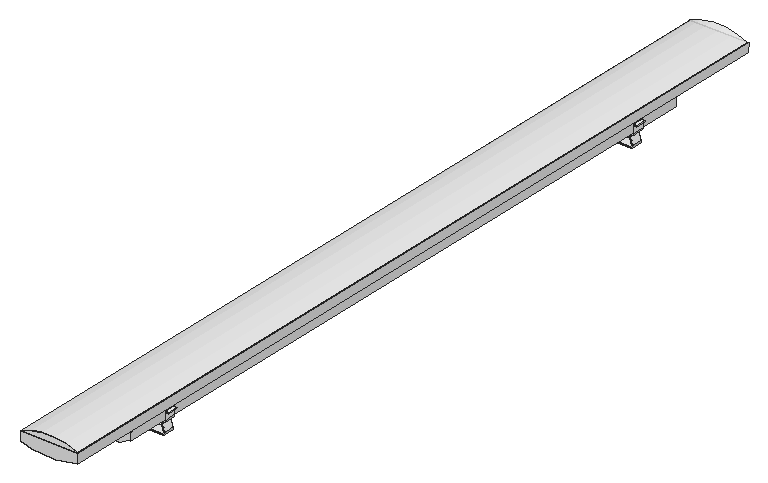
Revit family "Lighting-Industriale-GEWISS-SMART[3]PLUS-PLAFONIERA-LED_OPALE_1600mm", category Apparecchi per illuminazione, host Superficie, Revit 2019
Family settings
  Host = Superficie
  Quota connettore circolare = Usa diametro
  Tipo di parte = Normale
  Numero OmniClass = 23.80.70.11
  Titolo OmniClass = Luminaries for Internal Lighting
  Taglio con vuoti quando caricato = No
  Sorgente d'illuminazione = Sì
  Condiviso = No
  Punto di calcolo locali = No
Parameters (values of type "GWS3323AP957 - SMART3 PLUS 1600 T.W.DALI HE OPAL 9 57")
  Wattage = 27 W
  Versione file RFA = "20.0"
  Variazione temperatura colore lampada con luminosità attenuata = (empty or 0)
  URL = "https://www.gewiss.com/it/it"
  Tipologia sorgente luminosa = "LED - Non sostituibile"
  Tipologia = "DALI"
  Tipo alimentatore = ""
  Tensione = "220-240 V "
  Temperatura di utilizzo = "-25 +50 °C"
  Temperatura di funzionamento = "-25 +50 °C"
  Temperatura di colore: = "5700 K (CRI > 90)"
  Temperatura di colore = "5700 K (CRI > 90)"
  built-in parameter 1150107 = 5700 (stored number, unit not read)
  Struttura = GEWISS - SMART 3 - GRIGIO
  Stampa 1_200 = no
  Stampa 1_100 = not(Stampa 1_200)  # yes
  Spostamento_Y_etichetta [instance] = 0 mm
  Spostamento_Y_effettivo_etichetta [instance] = 1500 mm - Spostamento_Y_etichetta  # 1500 mm
  Spostamento_X_etichetta [instance] = 0 mm
  Spostamento_X_effettivo_etichetta [instance] = 1500 mm - Spostamento_X_etichetta  # 1500 mm
  Schermo. = Gewiss - Led Acceso
  Schermo = "Opale"
  Scheda Tecnica = "https://www.gewiss.com/it/it/search?q=GWS3323AP957"
  SEO = "Plafoniera"
  Resistenza agli urti = "IK08"
  Default Elevation = 1219.2 mm
  Produttore = "GEWISS S.p.A."
  Potenza di sistema = "50 W"
  Peso (kg): = ""
  built-in parameter 1150110 = 1 (stored number, unit not read)
  built-in parameter 1150109 = 1 (stored number, unit not read)
  built-in parameter 1114218 = 1 (stored number, unit not read)
  built-in parameter 1150112 = 1 (stored number, unit not read)
  NÂ° LED (#) = ""
  Modello = "GWS3323AP957"
  built-in parameter 1150137 = (empty or 0)
  built-in parameter 1150132 = (empty or 0)
  Lunghezza Lampada = 1600 mm  # constant formula
  Lunghezza = "1600 mm"
  Lumen output (lm) = "5200"
  Lampada: = "LED"
  Lampada = "LED"
  LED LifeTime (L80B20) = ""
  LED Life time (L90B50) = ""
  LED Life time (L80B50) = ""
  LED Life time (L70) = ""
  built-in parameter 1150105 = 1406.7 (stored number, unit not read)
  built-in parameter 1150102 = (empty or 0)
  Type Image = GWS3158P.jpg
  built-in parameter 1150106 = 14.067 (stored number, unit not read)
  IFC.TypeObject = ""
  IFC.ExportType = ""
  IFC.ExportAs = ""
  IDT = "f3b315df-984e-4987-af5e-9bbae24bcc71"
  IDF = "a75c95b2-83a7-499f-92d1-3300d74a06eb"
  Grado di protezione = "IP66/IP69"
  Glow Wire Test = "850°C"
  Garanzia = "5 anni"
  Ganci = GEWISS  - ALLUMINIO
  Flusso nominale (lm) = ""
  Lumens = 4010.63 lm
  Color Filter = 16777215
  File diagramma fotometrico = "GWS3323AP957.IES"
  built-in parameter 1114217 = 1 (stored number, unit not read)
  built-in parameter 1150139 = (empty or 0)
  Failure rate apparecchio (50.000h, Tq=25Â° C) = ""
  Failure rate apparecchio (35.000h, Tq=35Â° C) = ""
  Emetti da lunghezza linea = 700 mm
  built-in parameter 1150104 = 13.8 (stored number, unit not read)
  built-in parameter 1150115 = 1 (stored number, unit not read)
  built-in parameter 1150114 = 1 (stored number, unit not read)
  built-in parameter 1150113 = 1 (stored number, unit not read)
  Descrizione = "SMART3 PLUS 1600 T.W.DALI HE OPAL 9 57"
  Creato da GEWISS S.p.A. = ""
  Commenti sul wattaggio = "55W"
  built-in parameter 1150134 = (empty or 0)
  built-in parameter 1150138 = (empty or 0)
  Codice Electrocod = "2434"
  Codice EAN = ""
  Classe isolamento = "II"
  Classe di efficienza LED integrati = "A ÷ A++"
  Catalogo Serie = "SMART[3] PLUS"
  Catalogo = "LIGHTING"
  Carico apparente = 55 VA
  COBie.Tagnumber = ""
  COBie.CreatedOn = ""
  COBie.CreatebBy = ""
  COBie.ComponentRegisterItemID = ""
  COBie.Component.TagNumber = ""
  COBie.Component.Space = ""
  COBie.Component.SerialNumber = ""
  COBie.Component.InstallationDate = ""
  COBie.Component.Description = ""
  COBie.Component.BarCode = ""
  Applicazione = "Interno"
  Apparecchio a ridotta temperatura superficiale = ""
  Tilt Angle = -90.00°
  built-in parameter 1150133 = 10 (stored number, unit not read)
Types (25, lengths in mm): name | Tipologia | Temperatura di colore: | Temperatura di colore | Scheda Tecnica | Potenza di sistema | Modello | Lumen output (lm) | IDT | File diagramma fotometrico | Emetti da lunghezza linea | Descrizione | Commenti sul wattaggio | Carico apparente
  (no name) | "DALI" | "5700 K (CRI > 90)" | "5700 K (CRI > 90)" | "https://www.gewiss.com/it/it/search?q=GWS3323AP957" | "50 W" | "GWS3323AP957" | "5200" | "f3b315df-984e-4987-af5e-9bbae24bcc71" | "GWS3323AP957.IES" | 700 | "SMART3 PLUS 1600 T.W.DALI HE OPAL 9 57" | "55W" | 55 VA
  GWS3320AP830 - SMART3 PLUS 1600 ON/OFF HE OPAL 8 30 | "" | "3000 K (CRI > 80)" | "3000 K (CRI > 80)" | "https://www.gewiss.com/it/it/search?q=GWS3320AP830" | "46 W" | "GWS3320AP830" | "6300" | "515fde6e-ce71-4c7a-91f6-c5be3f9ca9d5" | "GWS3320AP830.IES" | 1200 | "SMART3 PLUS 1600 ON/OFF HE OPAL 8 30" | "26W" | 26 VA
  GWS3320AP840 - SMART3 PLUS 1600 ON/OFF HE OPAL 8 40 | "" | "4000 K (CRI > 80)" | "4000 K (CRI > 80)" | "https://www.gewiss.com/it/it/search?q=GWS3320AP840" | "46 W" | "GWS3320AP840" | "6600" | "797e91c8-3a4b-4c06-b222-0b282fb851e9" | "GWS3320AP840.IES" | 1200 | "SMART3 PLUS 1600 ON/OFF HE OPAL 8 40" | "26W" | 26 VA
  GWS3320AP857 - SMART3 PLUS 1600 ON/OFF HE OPAL 8 57 | "" | "5700 K (CRI > 80)" | "5700 K (CRI > 80)" | "https://www.gewiss.com/it/it/search?q=GWS3320AP857" | "46 W" | "GWS3320AP857" | "6600" | "0a0ffe2c-1254-4136-9b95-b2acb0a2e411" | "GWS3320AP857.IES" | 1200 | "SMART3 PLUS 1600 ON/OFF HE OPAL 8 57" | "26W" | 26 VA
  GWS3322AP830 - SMART3 PLUS 1600 T.W.ON/OFF HE OPAL 8 30 | "" | "3000 K (CRI > 80)" | "3000 K (CRI > 80)" | "https://www.gewiss.com/it/it/search?q=GWS3322AP830" | "46 W" | "GWS3322AP830" | "6300" | "92aadfc1-b61c-49fc-a0ea-d4cdaabb7691" | "GWS3322AP830.IES" | 1200 | "SMART3 PLUS 1600 T.W.ON/OFF HE OPAL 8 30" | "53W" | 53 VA
  GWS3322AP840 - SMART3 PLUS 1600 T.W.ON/OFF HE OPAL 8 40 | "" | "4000 K (CRI > 80)" | "4000 K (CRI > 80)" | "https://www.gewiss.com/it/it/search?q=GWS3322AP840" | "46 W" | "GWS3322AP840" | "6600" | "7aacec16-f4ae-4223-b666-c52a3b0e40df" | "GWS3322AP840.IES" | 700 | "SMART3 PLUS 1600 T.W.ON/OFF HE OPAL 8 40" | "53W" | 53 VA
  GWS3322AP857 - SMART3 PLUS 1600 T.W.ON/OFF HE OPAL 8 57 | "" | "5700 K (CRI > 80)" | "5700 K (CRI > 80)" | "https://www.gewiss.com/it/it/search?q=GWS3322AP857" | "46 W" | "GWS3322AP857" | "6600" | "9843d6fd-373c-45e5-b8ac-f8d282aa33ab" | "GWS3322AP857.IES" | 700 | "SMART3 PLUS 1600 T.W.ON/OFF HE OPAL 8 57" | "53W" | 53 VA
  GWS3320AP930 - SMART3 PLUS 1600 ON/OFF HE OPAL 9 30 | "" | "3000 K (CRI > 90)" | "3000 K (CRI > 90)" | "https://www.gewiss.com/it/it/search?q=GWS3320AP930" | "46 W" | "GWS3320AP930" | "4900" | "a13f2a2f-86fe-4556-8509-1ebfeb2cb915" | "GWS3320AP930.IES" | 1200 | "SMART3 PLUS 1600 ON/OFF HE OPAL 9 30" | "27W" | 27 VA
  GWS3320AP940 - SMART3 PLUS 1600 ON/OFF HE OPAL 9 40 | "" | "4000 K (CRI > 90)" | "4000 K (CRI > 90)" | "https://www.gewiss.com/it/it/search?q=GWS3320AP940" | "46 W" | "GWS3320AP940" | "5200" | "fc3d66e1-5ae5-4f7d-bdd5-cb36aae6c31e" | "GWS3320AP940.IES" | 1200 | "SMART3 PLUS 1600 ON/OFF HE OPAL 9 40" | "27W" | 27 VA
  GWS3320AP957 - SMART3 PLUS 1600 ON/OFF HE OPAL 9 57 | "" | "5700 K (CRI > 90)" | "5700 K (CRI > 90)" | "https://www.gewiss.com/it/it/search?q=GWS3320AP957" | "46 W" | "GWS3320AP957" | "5200" | "e411e7a8-d38e-4265-9c8c-6dda89df10b2" | "GWS3320AP957.IES" | 1200 | "SMART3 PLUS 1600 ON/OFF HE OPAL 9 57" | "27W" | 27 VA
  GWS3322AP930 - SMART3 PLUS 1600 T.W.ON/OFF HE OPAL 9 30 | "" | "3000 K (CRI > 90)" | "3000 K (CRI > 90)" | "https://www.gewiss.com/it/it/search?q=GWS3322AP930" | "46 W" | "GWS3322AP930" | "4900" | "15600029-dedd-4b75-95d2-bc6cfc52e84f" | "GWS3322AP930.IES" | 700 | "SMART3 PLUS 1600 T.W.ON/OFF HE OPAL 9 30" | "55W" | 55 VA
  GWS3322AP940 - SMART3 PLUS 1600 T.W.ON/OFF HE OPAL 9 40 | "" | "4000 K (CRI > 90)" | "4000 K (CRI > 90)" | "https://www.gewiss.com/it/it/search?q=GWS3322AP940" | "46 W" | "GWS3322AP940" | "5200" | "44b2879f-8794-44e4-9c2a-98b4b0b09008" | "GWS3322AP940.IES" | 700 | "SMART3 PLUS 1600 T.W.ON/OFF HE OPAL 9 40" | "55W" | 55 VA
  GWS3322AP957 - SMART3 PLUS 1600 T.W.ON/OFF HE OPAL 9 57 | "" | "5700 K (CRI > 90)" | "5700 K (CRI > 90)" | "https://www.gewiss.com/it/it/search?q=GWS3322AP957" | "46 W" | "GWS3322AP957" | "5200" | "353f52fa-4ab1-4785-ab32-4e23da494718" | "GWS3322AP957.IES" | 700 | "SMART3 PLUS 1600 T.W.ON/OFF HE OPAL 9 57" | "55W" | 55 VA
  GWS3321AP830 - SMART3 PLUS 1600 DALI HE OPAL 8 30 | "DALI" | "3000 K (CRI > 80)" | "3000 K (CRI > 80)" | "https://www.gewiss.com/it/it/search?q=GWS3321AP830" | "50 W" | "GWS3321AP830" | "6300" | "ef6f7481-d774-40a2-a56c-e33a03783f43" | "GWS3321AP830.IES" | 1200 | "SMART3 PLUS 1600 DALI HE OPAL 8 30" | "26W" | 26 VA
  GWS3321AP840 - SMART3 PLUS 1600 DALI HE OPAL 8 40 | "DALI" | "4000 K (CRI > 80)" | "4000 K (CRI > 80)" | "https://www.gewiss.com/it/it/search?q=GWS3321AP840" | "50 W" | "GWS3321AP840" | "6600" | "9f3a0474-7c34-4774-9075-3f2db5512430" | "GWS3321AP840.IES" | 1200 | "SMART3 PLUS 1600 DALI HE OPAL 8 40" | "26W" | 26 VA
  GWS3321AP857 - SMART3 PLUS 1600 DALI HE OPAL 8 57 | "DALI" | "5700 K (CRI > 80)" | "5700 K (CRI > 80)" | "https://www.gewiss.com/it/it/search?q=GWS3321AP857" | "50 W" | "GWS3321AP857" | "6600" | "049705d3-c297-44cc-989b-4f6d2b3fb677" | "GWS3321AP857.IES" | 1200 | "SMART3 PLUS 1600 DALI HE OPAL 8 57" | "26W" | 26 VA
  GWS3321AP930 - SMART3 PLUS 1600 DALI HE OPAL 9 30 | "DALI" | "3000 K (CRI > 90)" | "3000 K (CRI > 90)" | "https://www.gewiss.com/it/it/search?q=GWS3321AP930" | "50 W" | "GWS3321AP930" | "4900" | "b4f69512-f660-4b69-9fcc-3def4f9a0271" | "GWS3321AP930.IES" | 1200 | "SMART3 PLUS 1600 DALI HE OPAL 9 30" | "27W" | 27 VA
  GWS3321AP940 - SMART3 PLUS 1600 DALI HE OPAL 9 40 | "DALI" | "4000 K (CRI > 90)" | "4000 K (CRI > 90)" | "https://www.gewiss.com/it/it/search?q=GWS3321AP940" | "50 W" | "GWS3321AP940" | "5200" | "4d149631-94ff-4b55-a399-3355b63ff907" | "GWS3321AP940.IES" | 1200 | "SMART3 PLUS 1600 DALI HE OPAL 9 40" | "27W" | 27 VA
  GWS3321AP957 - SMART3 PLUS 1600 DALI HE OPAL 9 57 | "DALI" | "5700 K (CRI > 90)" | "5700 K (CRI > 90)" | "https://www.gewiss.com/it/it/search?q=GWS3321AP957" | "50 W" | "GWS3321AP957" | "5200" | "95bc40bc-d7b1-4835-bb40-aca982529566" | "GWS3321AP957.IES" | 700 | "SMART3 PLUS 1600 DALI HE OPAL 9 57" | "27W" | 27 VA
  GWS3323AP830 - SMART3 PLUS 1600 T.W.DALI HE OPAL 8 30 | "DALI" | "3000 K (CRI > 80)" | "3000 K (CRI > 80)" | "https://www.gewiss.com/it/it/search?q=GWS3323AP830" | "50 W" | "GWS3323AP830" | "6300" | "c88e39d8-7d84-4df5-9696-6fd327196441" | "GWS3323AP830.IES" | 700 | "SMART3 PLUS 1600 T.W.DALI HE OPAL 8 30" | "53W" | 53 VA
  GWS3323AP840 - SMART3 PLUS 1600 T.W.DALI HE OPAL 8 40 | "DALI" | "4000 K (CRI > 80)" | "4000 K (CRI > 80)" | "https://www.gewiss.com/it/it/search?q=GWS3323AP840" | "50 W" | "GWS3323AP840" | "6600" | "6d9ebd1f-e085-4998-931b-503e14e2501b" | "GWS3323AP840.IES" | 700 | "SMART3 PLUS 1600 T.W.DALI HE OPAL 8 40" | "53W" | 53 VA
  GWS3323AP857 - SMART3 PLUS 1600 T.W.DALI HE OPAL 8 57 | "DALI" | "5700 K (CRI > 80)" | "5700 K (CRI > 80)" | "https://www.gewiss.com/it/it/search?q=GWS3323AP857" | "50 W" | "GWS3323AP857" | "6600" | "2b5a79a2-e691-42d0-aae8-023fd03ea346" | "GWS3323AP857.IES" | 700 | "SMART3 PLUS 1600 T.W.DALI HE OPAL 8 57" | "53W" | 53 VA
  GWS3323AP930 - SMART3 PLUS 1600 T.W.DALI HE OPAL 9 30 | "DALI" | "3000 K (CRI > 90)" | "3000 K (CRI > 90)" | "https://www.gewiss.com/it/it/search?q=GWS3323AP930" | "50 W" | "GWS3323AP930" | "4900" | "cba77e63-a48a-4cd6-ac5a-4de7abffce10" | "GWS3323AP930.IES" | 700 | "SMART3 PLUS 1600 T.W.DALI HE OPAL 9 30" | "55W" | 55 VA
  GWS3323AP940 - SMART3 PLUS 1600 T.W.DALI HE OPAL 9 40 | "DALI" | "4000 K (CRI > 90)" | "4000 K (CRI > 90)" | "https://www.gewiss.com/it/it/search?q=GWS3323AP940" | "50 W" | "GWS3323AP940" | "5200" | "53ccc7fe-7c5b-4623-a89f-0c189ed12751" | "GWS3323AP940.IES" | 700 | "SMART3 PLUS 1600 T.W.DALI HE OPAL 9 40" | "55W" | 55 VA
  GWS3323AP957 - SMART3 PLUS 1600 T.W.DALI HE OPAL 9 57 | "DALI" | "5700 K (CRI > 90)" | "5700 K (CRI > 90)" | "https://www.gewiss.com/it/it/search?q=GWS3323AP957" | "50 W" | "GWS3323AP957" | "5200" | "f3b315df-984e-4987-af5e-9bbae24bcc71" | "GWS3323AP957.IES" | 700 | "SMART3 PLUS 1600 T.W.DALI HE OPAL 9 57" | "55W" | 55 VA
Values of the unnamed type that differ from the named types
  Variazione temperatura colore lampada con luminosità attenuata = <Nessuno>
Reference planes
  plane 1 "Centro (Fronte/Retro)": y = 0
  plane 2: z = 0
  plane 3 "Centro (Sinistra/Destra)": x = 0
  plane 4: x = -1500
  plane 5: y = -1500
  plane 6: x = 0
  plane 7: y = 0
Forms (mm)
  Extrusion 1, solid, material "GEWISS  - ALLUMINIO" <- "Ganci", detail levels medium+fine
    sketch origin (0, 0, 0) x (1, 0, 0) y (0, 0, 1)
      loop
        arc (31.431, -0.002) -> (34.576, 1.589) -> (35.156, 5.066) r 3.903
        line (35.156, 5.066) -> (29.612, 23.211)
        arc (29.612, 23.211) -> (29.883, 24.381) -> (31.032, 24.73) r 1.2
        line (31.032, 24.73) -> (34.307, 23.974)
        arc (34.307, 23.974) -> (36.765, 24.53) -> (37.859, 26.8) r 2.9
        line (37.859, 26.8) -> (37.859, 38.8)
        arc (37.859, 38.8) -> (37.648, 39.694) -> (37.059, 40.4) r 2
        line (37.059, 40.4) -> (37.059, 42.71) -> (42.861, 40.598) -> (43.203, 41.538) -> (37.53, 43.603)
        arc (37.53, 43.603) -> (37.019, 43.613) -> (36.605, 43.311) r 0.8
        line (36.605, 43.311) -> (36.306, 26.139)
        arc (36.306, 26.139) -> (35.6, 25.444) -> (34.616, 25.34) r 1.5
        line (34.616, 25.34) -> (31.344, 26.095)
        arc (31.344, 26.095) -> (28.858, 25.335) -> (28.273, 22.802) r 2.6
        line (28.273, 22.802) -> (33.827, 4.636)
        arc (33.827, 4.636) -> (33.449, 2.415) -> (31.438, 1.4) r 2.5
        line (31.438, 1.4) -> (-31.437, 1.4)
        arc (-31.437, 1.4) -> (-33.449, 2.415) -> (-33.827, 4.636) r 2.5
        line (-33.827, 4.636) -> (-28.273, 22.802)
        arc (-28.273, 22.802) -> (-28.858, 25.335) -> (-31.344, 26.095) r 2.6
        line (-31.344, 26.095) -> (-34.616, 25.34)
        arc (-34.616, 25.34) -> (-35.6, 25.444) -> (-36.306, 26.139) r 1.5
        line (-36.306, 26.139) -> (-36.605, 43.311)
        arc (-36.605, 43.311) -> (-37.019, 43.613) -> (-37.53, 43.603) r 0.8
        line (-37.53, 43.603) -> (-43.203, 41.538) -> (-42.861, 40.598) -> (-37.059, 42.71) -> (-37.059, 40.4)
        arc (-37.059, 40.4) -> (-37.648, 39.694) -> (-37.859, 38.8) r 2
        line (-37.859, 38.8) -> (-37.859, 26.8)
        arc (-37.859, 26.8) -> (-36.765, 24.53) -> (-34.307, 23.974) r 2.9
        line (-34.307, 23.974) -> (-31.032, 24.73)
        arc (-31.032, 24.73) -> (-29.883, 24.381) -> (-29.612, 23.211) r 1.2
        line (-29.612, 23.211) -> (-35.156, 5.066)
        arc (-35.156, 5.066) -> (-34.576, 1.589) -> (-31.431, -0.002) r 3.903
        line (-31.431, -0.002) -> (31.431, -0.002)
    from 548.766 to 568.766
  Extrusion 2, solid, material "GEWISS  - ALLUMINIO" <- "Ganci", detail levels medium+fine
    sketch origin (0, 0, 0) x (1, 0, 0) y (0, 0, -1)
      loop
        line (31.431, 0.002) -> (-31.431, 0.002)
        arc (-31.431, 0.002) -> (-34.576, -1.589) -> (-35.156, -5.066) r 3.903
        line (-35.156, -5.066) -> (-29.612, -23.211)
        arc (-29.612, -23.211) -> (-29.883, -24.381) -> (-31.032, -24.73) r 1.2
        line (-31.032, -24.73) -> (-34.307, -23.974)
        arc (-34.307, -23.974) -> (-36.765, -24.53) -> (-37.859, -26.8) r 2.9
        line (-37.859, -26.8) -> (-37.859, -38.8)
        arc (-37.859, -38.8) -> (-37.648, -39.694) -> (-37.059, -40.4) r 2
        line (-37.059, -40.4) -> (-37.059, -42.71) -> (-42.861, -40.598) -> (-43.203, -41.538) -> (-37.53, -43.603)
        arc (-37.53, -43.603) -> (-37.019, -43.613) -> (-36.605, -43.311) r 0.8
        line (-36.605, -43.311) -> (-36.306, -26.139)
        arc (-36.306, -26.139) -> (-35.6, -25.444) -> (-34.616, -25.34) r 1.5
        line (-34.616, -25.34) -> (-31.344, -26.095)
        arc (-31.344, -26.095) -> (-28.858, -25.335) -> (-28.273, -22.802) r 2.6
        line (-28.273, -22.802) -> (-33.827, -4.636)
        arc (-33.827, -4.636) -> (-33.449, -2.415) -> (-31.437, -1.4) r 2.5
        line (-31.437, -1.4) -> (31.438, -1.4)
        arc (31.438, -1.4) -> (33.449, -2.415) -> (33.827, -4.636) r 2.5
        line (33.827, -4.636) -> (28.273, -22.802)
        arc (28.273, -22.802) -> (28.858, -25.335) -> (31.344, -26.095) r 2.6
        line (31.344, -26.095) -> (34.616, -25.34)
        arc (34.616, -25.34) -> (35.6, -25.444) -> (36.306, -26.139) r 1.5
        line (36.306, -26.139) -> (36.605, -43.311)
        arc (36.605, -43.311) -> (37.019, -43.613) -> (37.53, -43.603) r 0.8
        line (37.53, -43.603) -> (43.203, -41.538) -> (42.861, -40.598) -> (37.059, -42.71) -> (37.059, -40.4)
        arc (37.059, -40.4) -> (37.648, -39.694) -> (37.859, -38.8) r 2
        line (37.859, -38.8) -> (37.859, -26.8)
        arc (37.859, -26.8) -> (36.765, -24.53) -> (34.307, -23.974) r 2.9
        line (34.307, -23.974) -> (31.032, -24.73)
        arc (31.032, -24.73) -> (29.883, -24.381) -> (29.612, -23.211) r 1.2
        line (29.612, -23.211) -> (35.156, -5.066)
        arc (35.156, -5.066) -> (34.576, -1.589) -> (31.431, 0.002) r 3.903
    from 548.766 to 568.766
  Extrusion 3, solid, material "GEWISS - SMART 3 - GRIGIO" <- "Struttura", detail levels medium+fine
    sketch origin (0, 0, 0) x (1, 0, 0) y (0, 0, 1)
      loop
        line (-36.331, 55.757) -> (-35.847, 28.018)
        arc (-35.847, 28.018) -> (-33.139, 27.27) -> (-30.416, 26.58) r 129.5
        arc (-30.416, 26.58) -> (-28.066, 25.76) -> (-25.915, 24.506) r 13
        arc (-25.915, 24.506) -> (-24.23, 23.324) -> (-22.521, 22.178) r 99.5
        arc (-22.521, 22.178) -> (-16.401, 19.063) -> (-9.748, 17.365) r 31.146
        line (-9.748, 17.365) -> (12.491, 17.365)
        arc (12.491, 17.365) -> (17.822, 19.098) -> (22.764, 21.745) r 31.646
        arc (22.764, 21.745) -> (24.509, 22.915) -> (26.228, 24.122) r 100
        arc (26.228, 24.122) -> (28.283, 25.313) -> (30.525, 26.095) r 12.5
        arc (30.525, 26.095) -> (33.437, 26.834) -> (36.332, 27.64) r 130
        line (36.332, 27.64) -> (36.824, 55.851)
        arc (36.824, 55.851) -> (24.914, 53.937) -> (12.909, 52.764) r 195.047
        line (12.909, 52.764) -> (-12.909, 52.764)
        arc (-12.909, 52.764) -> (-24.665, 53.905) -> (-36.331, 55.757) r 195.047
    from -650 to 650
  Extrusion 4, solid, material "GEWISS - SMART 3 - GRIGIO" <- "Struttura", detail levels medium+fine
    sketch origin (0, 0, 0) x (1, 0, 0) y (0, 0, 1)
      loop
        line (54.725, 60.184) -> (55.177, 77.445) -> (-55.177, 77.445) -> (-54.725, 60.184)
        arc (-54.725, 60.184) -> (-34.019, 55.332) -> (-12.909, 52.764) r 195.047
        line (-12.909, 52.764) -> (12.909, 52.764)
        arc (12.909, 52.764) -> (34.019, 55.332) -> (54.725, 60.184) r 195.047
    from -800 to 800
  Extrusion 5, solid, material "Gewiss - Led Acceso" <- "Schermo.", detail levels medium+fine
    sketch origin (0, 0, 0) x (1, 0, 0) y (0, 0, 1)
      loop
        arc (54.697, 78.441) -> (-0.014, 90.457) -> (-54.723, 78.429) r 130.5
        arc (-54.723, 78.429) -> (-54.988, 77.838) -> (-54.5, 77.445) r 0.5
        line (-54.5, 77.445) -> (54.479, 77.445)
        arc (54.479, 77.445) -> (54.988, 77.855) -> (54.697, 78.441) r 0.522
    from -800 to 800
  Extrusion 6, solid, material "GEWISS - SMART 3 - GRIGIO" <- "Struttura", detail levels coarse
    sketch origin (0, 0, 0) x (1, 0, 0) y (0, 0, 1)
      loop
        line (-54.5, 90.439) -> (-54.5, 0) -> (54.5, 0) -> (54.5, 90.439) -> (-54.5, 90.439)
    from -800 to 800
Lines and regions (mm)
  Masking region 1
    outline origin (0, 0, 0) x (1, 0, 0) y (0, 1, 0)
      loop
        line (-55.177, 800) -> (-55.177, -800) -> (55.177, -800) -> (55.177, 800) -> (-55.177, 800)
  symbolic lines, style "GEWISS - LIGHT 2D"
    curve 1: line (0, 528.766, 0) -> (0, -511.234, 0)
Dimensions and locks
  plane 4 to plane 3 "Centro (Sinistra/Destra)" = 1500 mm
  "Spostamento_X_effettivo_etichetta": plane 4 to plane 6
  "Spostamento_Y_effettivo_etichetta": plane 7 to plane 5
  plane 1 "Centro (Fronte/Retro)" to plane 5 = 1500 mm
  aligned and locked: plane 2 to host face
  aligned and locked: level to host face
  aligned and locked: Masking region 1 sketch curve to Extrusion 4  (x4)
  aligned and locked: plane 6 to nested 1
  aligned and locked: nested 1 to plane 7
  aligned and locked: curve 1 to plane 3 "Centro (Sinistra/Destra)"
Automatic sketch dimensions
  host sketch curve to host sketch curve = 2438.4 mm  (x2)
  Extrusion 1 sketch curve to Extrusion 1 sketch curve = 0 mm  (x28)
  Extrusion 1 sketch curve to plane 3 "Centro (Sinistra/Destra)" = 43.203 mm
  level to Extrusion 1 sketch curve = 40.598 mm
  Extrusion 1 sketch curve to Extrusion 1 sketch curve = 0.342 mm  (x2)
  Extrusion 1 sketch curve to Extrusion 1 sketch curve = 5.002 mm  (x2)
  Extrusion 1 sketch curve to Extrusion 1 sketch curve = 0.329 mm
  Extrusion 1 sketch curve to Extrusion 1 sketch curve = 0.271 mm  (x2)
  Extrusion 1 sketch curve to Extrusion 1 sketch curve = 0.8 mm  (x2)
  Extrusion 1 sketch curve to Extrusion 1 sketch curve = 0.454 mm  (x2)
  Extrusion 1 sketch curve to Extrusion 1 sketch curve = 1.554 mm
  Extrusion 1 sketch curve to Extrusion 1 sketch curve = 2 mm
  level to Extrusion 1 sketch curve = 5.066 mm  (x2)
  Extrusion 1 sketch curve to Extrusion 1 sketch curve = 1.15 mm
  Extrusion 1 sketch curve to Extrusion 1 sketch curve = 1.346 mm  (x2)
  Extrusion 1 sketch curve to Extrusion 1 sketch curve = 0.343 mm  (x2)
  level to Extrusion 1 sketch curve = 4.636 mm  (x2)
  Extrusion 1 sketch curve to Extrusion 1 sketch curve = 1.329 mm  (x2)
  level to Extrusion 1 sketch curve = 1.4 mm
  Extrusion 1 sketch curve to Extrusion 1 sketch curve = 2.389 mm  (x2)
  Extrusion 1 sketch curve to Extrusion 1 sketch curve = 0.007 mm  (x2)
  Extrusion 1 sketch curve to Extrusion 1 sketch curve = 3.584 mm  (x2)
  Extrusion 1 sketch curve to Extrusion 1 sketch curve = 0.273 mm  (x2)
  plane 3 "Centro (Sinistra/Destra)" to Extrusion 1 sketch curve = 30.759 mm
  Extrusion 1 sketch curve to level = 0.002 mm
  Extrusion 1 sketch curve to Extrusion 1 sketch curve = 0.672 mm
  Extrusion 1 sketch curve to Extrusion 1 sketch curve = 0.9 mm
  level to Extrusion 1 sketch curve = 26.139 mm
  Extrusion 1 sketch curve to Extrusion 1 sketch curve = 0.746 mm
  Extrusion 1 sketch curve to Extrusion 1 sketch curve = 0.2 mm
  Extrusion 1 sketch curve to Extrusion 1 sketch curve = 2.577 mm
  Extrusion 1 sketch curve to Extrusion 1 sketch curve = 18.496 mm
  Extrusion 1 sketch curve to Extrusion 1 sketch curve = 1.169 mm  (x2)
  Extrusion 1 sketch curve to Extrusion 1 sketch curve = 0.799 mm  (x2)
  Extrusion 1 sketch curve to Extrusion 1 sketch curve = 0.609 mm
  Extrusion 1 sketch curve to Extrusion 1 sketch curve = 1.798 mm  (x2)
  Extrusion 1 sketch curve to Extrusion 1 sketch curve = 12 mm
  Extrusion 1 sketch curve to Extrusion 1 sketch curve = 0.94 mm  (x2)
  Extrusion 1 sketch curve to Extrusion 1 sketch curve = 0.14 mm  (x2)
  Extrusion 1 sketch curve to Extrusion 1 sketch curve = 0.309 mm  (x2)
  Extrusion 1 sketch curve to Extrusion 1 sketch curve = 0.312 mm  (x2)
  Extrusion 1 sketch curve to Extrusion 1 sketch curve = 1.148 mm  (x2)
  Extrusion 1 sketch curve to Extrusion 1 sketch curve = 1.339 mm
  Extrusion 1 sketch curve to Extrusion 1 sketch curve = 2.486 mm
  Extrusion 1 sketch curve to Extrusion 1 sketch curve = 0.409 mm  (x2)
  Extrusion 2 sketch curve to Extrusion 2 sketch curve = 0 mm  (x28)
  Extrusion 2 sketch curve to plane 3 "Centro (Sinistra/Destra)" = 43.203 mm
  level to Extrusion 2 sketch curve = 40.598 mm
  Extrusion 2 sketch curve to Extrusion 2 sketch curve = 0.342 mm  (x2)
  Extrusion 2 sketch curve to Extrusion 2 sketch curve = 5.002 mm  (x2)
  Extrusion 2 sketch curve to Extrusion 2 sketch curve = 0.329 mm
  Extrusion 2 sketch curve to Extrusion 2 sketch curve = 0.271 mm  (x2)
  Extrusion 2 sketch curve to Extrusion 2 sketch curve = 0.8 mm  (x2)
  Extrusion 2 sketch curve to Extrusion 2 sketch curve = 0.454 mm  (x2)
  Extrusion 2 sketch curve to Extrusion 2 sketch curve = 1.554 mm
  Extrusion 2 sketch curve to Extrusion 2 sketch curve = 2 mm
  level to Extrusion 2 sketch curve = 5.066 mm  (x2)
  Extrusion 2 sketch curve to Extrusion 2 sketch curve = 1.15 mm
  Extrusion 2 sketch curve to Extrusion 2 sketch curve = 1.346 mm  (x2)
  Extrusion 2 sketch curve to Extrusion 2 sketch curve = 0.343 mm  (x2)
  level to Extrusion 2 sketch curve = 4.636 mm  (x2)
  Extrusion 2 sketch curve to Extrusion 2 sketch curve = 1.329 mm  (x2)
  level to Extrusion 2 sketch curve = 1.4 mm
  Extrusion 2 sketch curve to Extrusion 2 sketch curve = 2.389 mm  (x2)
  Extrusion 2 sketch curve to Extrusion 2 sketch curve = 0.007 mm  (x2)
  Extrusion 2 sketch curve to Extrusion 2 sketch curve = 3.584 mm  (x2)
  Extrusion 2 sketch curve to Extrusion 2 sketch curve = 0.273 mm  (x2)
  plane 3 "Centro (Sinistra/Destra)" to Extrusion 2 sketch curve = 30.759 mm
  Extrusion 2 sketch curve to level = 0.002 mm
  Extrusion 2 sketch curve to Extrusion 2 sketch curve = 0.672 mm
  Extrusion 2 sketch curve to Extrusion 2 sketch curve = 0.9 mm
  level to Extrusion 2 sketch curve = 26.139 mm
  Extrusion 2 sketch curve to Extrusion 2 sketch curve = 0.746 mm
  Extrusion 2 sketch curve to Extrusion 2 sketch curve = 0.2 mm
  Extrusion 2 sketch curve to Extrusion 2 sketch curve = 14.46 mm
  Extrusion 2 sketch curve to Extrusion 2 sketch curve = 0.94 mm  (x2)
  Extrusion 2 sketch curve to Extrusion 2 sketch curve = 0.14 mm  (x2)
  Extrusion 2 sketch curve to Extrusion 2 sketch curve = 2.31 mm  (x2)
  Extrusion 2 sketch curve to Extrusion 2 sketch curve = 12 mm
  Extrusion 2 sketch curve to Extrusion 2 sketch curve = 0.661 mm  (x2)
  Extrusion 2 sketch curve to Extrusion 2 sketch curve = 0.609 mm  (x2)
  Extrusion 2 sketch curve to Extrusion 2 sketch curve = 1.169 mm  (x2)
  Extrusion 2 sketch curve to Extrusion 2 sketch curve = 0.309 mm  (x2)
  Extrusion 2 sketch curve to Extrusion 2 sketch curve = 0.312 mm  (x2)
  Extrusion 2 sketch curve to Extrusion 2 sketch curve = 1.148 mm  (x2)
  Extrusion 2 sketch curve to Extrusion 2 sketch curve = 1.339 mm
  Extrusion 2 sketch curve to Extrusion 2 sketch curve = 2.486 mm
  Extrusion 2 sketch curve to Extrusion 2 sketch curve = 1.365 mm  (x2)
  Extrusion 3 sketch curve to plane 3 "Centro (Sinistra/Destra)" = 36.331 mm
  Extrusion 3 sketch curve to Extrusion 3 sketch curve = 0.484 mm
  Extrusion 3 sketch curve to Extrusion 3 sketch curve = 2.34 mm
  Extrusion 3 sketch curve to plane 3 "Centro (Sinistra/Destra)" = 32.068 mm
  Extrusion 3 sketch curve to plane 3 "Centro (Sinistra/Destra)" = 12.909 mm
  Extrusion 3 sketch curve to plane 3 "Centro (Sinistra/Destra)" = 9.748 mm
  Extrusion 3 sketch curve to plane 3 "Centro (Sinistra/Destra)" = 5.421 mm
  Extrusion 3 sketch curve to plane 3 "Centro (Sinistra/Destra)" = 0.057 mm
  Extrusion 3 sketch curve to plane 3 "Centro (Sinistra/Destra)" = 0.007 mm
  Extrusion 3 sketch curve to plane 3 "Centro (Sinistra/Destra)" = 0.001 mm
  plane 3 "Centro (Sinistra/Destra)" to Extrusion 3 sketch curve = 0.057 mm
  plane 3 "Centro (Sinistra/Destra)" to Extrusion 3 sketch curve = 5.412 mm
  plane 3 "Centro (Sinistra/Destra)" to Extrusion 3 sketch curve = 12.491 mm
  Extrusion 3 sketch curve to Extrusion 3 sketch curve = 7.496 mm
  plane 3 "Centro (Sinistra/Destra)" to Extrusion 3 sketch curve = 32.059 mm
  Extrusion 3 sketch curve to Extrusion 3 sketch curve = 21.008 mm
  Extrusion 3 sketch curve to Extrusion 3 sketch curve = 2.833 mm
  Extrusion 3 sketch curve to Extrusion 3 sketch curve = 23.916 mm
  level to Extrusion 3 sketch curve = 13.953 mm  (x2)
  level to Extrusion 3 sketch curve = 17.365 mm  (x2)
  Extrusion 3 sketch curve to Extrusion 3 sketch curve = 13.687 mm
  Extrusion 3 sketch curve to Extrusion 3 sketch curve = 14.064 mm
  Extrusion 3 sketch curve to Extrusion 3 sketch curve = 30.844 mm
  Extrusion 3 sketch curve to Extrusion 3 sketch curve = 0 mm  (x3)
  Extrusion 3 sketch curve to Extrusion 3 sketch curve = 4.555 mm
  Extrusion 3 sketch curve to Extrusion 3 sketch curve = 2.993 mm
  Extrusion 3 sketch curve to Extrusion 3 sketch curve = 3.087 mm
  Extrusion 3 sketch curve to Extrusion 3 sketch curve = 49.52 mm
  Extrusion 3 sketch curve to Extrusion 3 sketch curve = 49.615 mm
  Extrusion 3 sketch curve to Extrusion 3 sketch curve = 47.089 mm
  Extrusion 3 sketch curve to Extrusion 3 sketch curve = 5.431 mm
  Extrusion 3 sketch curve to Extrusion 3 sketch curve = 4.5 mm
  Extrusion 3 sketch curve to Extrusion 3 sketch curve = 10.273 mm
  Extrusion 3 sketch curve to Extrusion 3 sketch curve = 3.465 mm
  Extrusion 3 sketch curve to Extrusion 3 sketch curve = 4.297 mm
  Extrusion 4 sketch curve to plane 3 "Centro (Sinistra/Destra)" = 55.177 mm
  Extrusion 4 sketch curve to Extrusion 4 sketch curve = 0.452 mm  (x2)
  Extrusion 4 sketch curve to plane 3 "Centro (Sinistra/Destra)" = 12.909 mm
  Extrusion 4 sketch curve to plane 3 "Centro (Sinistra/Destra)" = 0.057 mm
  plane 3 "Centro (Sinistra/Destra)" to Extrusion 4 sketch curve = 0.057 mm
  plane 3 "Centro (Sinistra/Destra)" to Extrusion 4 sketch curve = 12.909 mm
  Extrusion 4 sketch curve to Extrusion 4 sketch curve = 41.816 mm
  level to Extrusion 4 sketch curve = 52.764 mm
  Extrusion 4 sketch curve to Extrusion 4 sketch curve = 7.42 mm  (x2)
  Extrusion 4 sketch curve to Extrusion 4 sketch curve = 17.262 mm
  Extrusion 5 sketch curve to plane 3 "Centro (Sinistra/Destra)" = 0 mm
  Extrusion 5 sketch curve to plane 3 "Centro (Sinistra/Destra)" = 54.5 mm
  plane 3 "Centro (Sinistra/Destra)" to Extrusion 5 sketch curve = 54.479 mm
  Extrusion 5 sketch curve to level = 40.043 mm
  level to Extrusion 5 sketch curve = 77.445 mm
  Extrusion 5 sketch curve to Extrusion 5 sketch curve = 0.5 mm
  Extrusion 5 sketch curve to Extrusion 5 sketch curve = 0.522 mm
  Extrusion 5 sketch curve to Extrusion 5 sketch curve = 0.21 mm
  Extrusion 5 sketch curve to Extrusion 5 sketch curve = 0.014 mm
  Extrusion 5 sketch curve to Extrusion 5 sketch curve = 0 mm
  Extrusion 6 sketch curve to level = 0 mm
  Extrusion 6 sketch curve to plane 3 "Centro (Sinistra/Destra)" = 54.5 mm
  plane 3 "Centro (Sinistra/Destra)" to Extrusion 6 sketch curve = 54.5 mm
  Extrusion 6 sketch curve to Extrusion 6 sketch curve = 90.439 mm
  plane 1 "Centro (Fronte/Retro)" to curve 1 = 511.234 mm
  curve 1 to plane 1 "Centro (Fronte/Retro)" = 528.766 mm
Nested families
  nested 1: "ETICHETTA WATTAGGIO" at (0, 0, 0), type "ETICHETTA WATTAGGIO"
Connectors
  electrical at (0, 0, 0), driven by "Carico apparente"
    settings: on Masking region 1, index 1, voltage 230 V, apparent load 0 VA, apparent load phase1 55 VA, apparent load phase2 0 VA, apparent load phase3 0 VA, power factor 1, load classification "Illuminazione", number of poles 2, system type 31, power factor state 1, is connector primary yes, connector utility no, sub classification motor no, connector description ""
Definition of nested family "ETICHETTA WATTAGGIO"
  Parameters (values of type "ETICHETTA WATTAGGIO")
    GW - Potenza di sistema = ""
    GW - Numero LED = ""
    COMMENTI = "13W"
    1_200 = no
    1_100 = yes
  Reference planes
    plane 1: y = 0
    plane 2: x = 0
  Text (mm)
    label "GW - Potenza di sistema\nGW - Numero LED LED" at (-0.057, -0.214, 0), shows "GW - Potenza di sistema", "GW - Numero LED", visible <- "1_100"
    label "GW - Potenza di sistema\nGW - Numero LED LED " at (-0.057, -0.214, 0), shows "GW - Potenza di sistema", "GW - Numero LED", visible <- "1_200"
